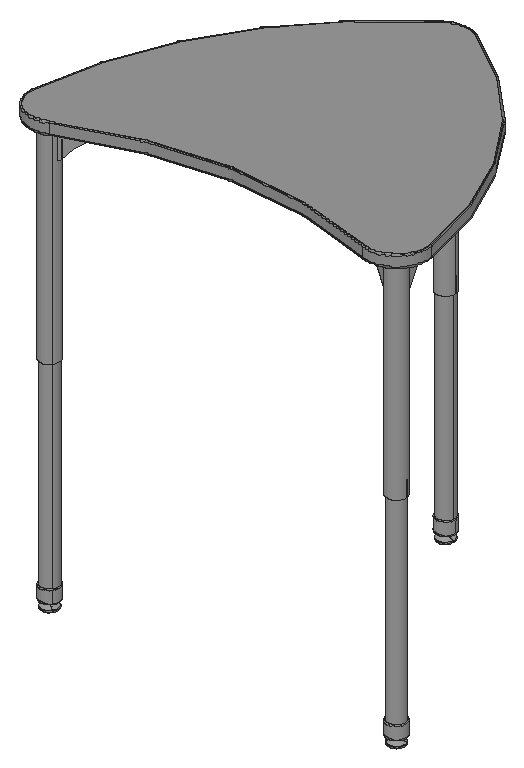
Revit family "Hierarchy Chevron Large Table - Standing Height", category Furniture, Revit 2018
Family settings
  Work Plane-Based = No
  Always vertical = Yes
  Cut with Voids When Loaded = No
  Shared = No
  Room Calculation Point = No
Parameters
  Table Height = 3' - 5"
  Surface = Hierarchy Chevron Large Standing Surface
  Leg Finish = Hierarchy Leg Platinum
  Edgeband = Hierarchy Chevron Large Standing Edgeband
  Caster/Glide = Hierarchy Standing Leg - Glide : Hierarchy Standing Leg - Glide
Reference planes (in)
  plane 1 "Center (Front/Back)": y = 0
  plane 2: z = 0
  plane 3 "Center (Left/Right)": x = 0
  plane 4 "Table Height": z = 41
Dimensions and locks (in)
  "Table Height": plane 4 "Table Height" to level
  aligned and locked: plane 2 to level
  aligned and locked: nested 3 to plane 4 "Table Height"
Nested families (in)
  nested 1: "Hierarchy Standing Leg - Glide" at (0, 10.3033, 0), Leg Height <- "Table Height", Leg Finish <- "Leg Finish", type "Hierarchy Standing Leg - Glide"
    with Leg Height 3' - 5", Leg Finish Hierarchy Leg Platinum
  nested 2: "Hierarchy Standing Leg - Glide" at (-16.21822, -15.68676, 0) x (-0.7939, 0.6081, 0) z (0, 0, 1), Leg Height <- "Table Height", type <- "Caster/Glide", Leg Finish <- "Leg Finish", type "Hierarchy Standing Leg - Glide"
  nested 3: "Chevron Large Tabletop" at (0, 0.03125, 12.5), type "Chevron Large Tabletop"
  nested 4: "Hierarchy Standing Leg - Glide" at (16.17876, -15.68676, 0) x (0.7939, 0.6081, 0) z (0, 0, 1), Leg Height <- "Table Height", type <- "Caster/Glide", Leg Finish <- "Leg Finish", type "Hierarchy Standing Leg - Glide"
Definition of nested family "Hierarchy Standing Leg - Glide"
  Parameters (values of type "Hierarchy Standing Leg - Glide")
    Leg Finish [instance] = none
    Leg Height [instance] = 3' - 5"
  Reference planes (in)
    plane 1 "Center (Front/Back)": y = 0
    plane 2: z = 0
    plane 3 "Center (Left/Right)": x = 0
  Forms (in)
    Extrusion 1, solid
      sketch origin (-0.01562, 0, 0) x (1, 0, 0) y (0, 1, 0)
        loop
          circle (0.01563, 0) r 0.79147
      from 2 to 23.175
    Revolve 2, solid
      sketch origin (0, 0, 0) x (1, 0, 0) y (0, 0, 1)
        loop
          line (0, 2) -> (0, 0.74937) -> (0.84838, 0.74937)
          arc (0.84838, 0.74937) -> (0.89342, 0.76803) -> (0.91207, 0.81306) r 0.06369
          line (0.91207, 0.81306) -> (0.91207, 1.93631)
          arc (0.91207, 1.93631) -> (0.89342, 1.98134) -> (0.84838, 2) r 0.06369
          line (0.84838, 2) -> (0, 2)
        axis (0, 2) -> (0, 0.74937)
      angle from 0 to 360
    Revolve 3, solid
      sketch origin (0, 0, 0) x (1, 0, 0) y (0, 0, 1)
        loop
          line (0, 0.75) -> (0, 0) -> (0.74583, 0) -> (0.79147, 0.09013) -> (0.79147, 0.16241) -> (0.12474, 0.5) -> (0.12474, 0.75) -> (0, 0.75)
        axis (0, 0.75) -> (0, 0)
      angle from 0 to 360
  Dimensions and locks (in)
    "Leg Height": nested 1 to level
    aligned and locked: plane 2 to level
  Automatic sketch dimensions
    plane 1 "Center (Front/Back)" to Extrusion 1 sketch curve = 0' - 0"
    Extrusion 1 sketch curve to plane 3 "Center (Left/Right)" = 0' - 0"
    Revolve 2 sketch curve to plane 3 "Center (Left/Right)" = 0' - 0"  (x2)
    plane 3 "Center (Left/Right)" to Revolve 2 sketch curve = 0' - 0.84838"
    Revolve 2 sketch curve to Revolve 2 sketch curve = 0' - 0.84838"
    Revolve 2 sketch curve to Revolve 2 sketch curve = 0' - 0.06369"
    level to Revolve 2 sketch curve = 0' - 0.74937"
    Revolve 2 sketch curve to Revolve 2 sketch curve = 0' - 1.12324"
    Revolve 2 sketch curve to Revolve 2 sketch curve = 0' - 0.13731"
    Revolve 2 sketch curve to Revolve 2 sketch curve = 0' - 0 3/4"
    Revolve 3 sketch curve to plane 3 "Center (Left/Right)" = 0' - 0"  (x2)
    Revolve 3 sketch curve to level = 0' - 0"
    plane 3 "Center (Left/Right)" to Revolve 3 sketch curve = 0' - 0.12474"
    plane 3 "Center (Left/Right)" to Revolve 3 sketch curve = 0' - 0.74583"
    Revolve 3 sketch curve to Revolve 3 sketch curve = 0' - 0.04564"
    level to Revolve 3 sketch curve = 0' - 0.09013"
    Revolve 3 sketch curve to Revolve 3 sketch curve = 0' - 0.07228"
    level to Revolve 3 sketch curve = 0' - 0 1/2"
    Revolve 3 sketch curve to Revolve 3 sketch curve = 0' - 0 1/4"
    Revolve 3 sketch curve to level = 0' - 0 1/8"
    Revolve 3 sketch curve to Revolve 3 sketch curve = 0' - 0 1/8"
    radius of Extrusion 1 sketch curve = 0' - 0.79147"
  Nested families (in)
    nested 1: "Hierarchy Standing Upper Leg 2023" at (0, 0, 0.19983), Leg Finish <- "Leg Finish", type "Hierarchy Standing Upper Leg 2023"
      with Leg Finish none
  Definition of nested family "Hierarchy Standing Upper Leg 2023"
    Parameters (values of type "Hierarchy Standing Upper Leg 2023")
      Leg Finish [instance] = none
    Reference planes (in)
      plane 1 "Center (Front/Back)": y = 0
      plane 2: z = 0
      plane 3 "Center (Left/Right)": x = 0
    Forms (in)
      Extrusion 1, solid, material <- "Leg Finish"
        sketch origin (0, 0, 0) x (1, 0, 0) y (0, 1, 0)
          loop
            circle (0, 0) r 0.9129
        from 20.67418 to 40.67418
      Extrusion 2, solid, material <- "Leg Finish"
        sketch origin (0, 0, 12.998) x (1, 0, 0) y (0, 1, 0)
          loop
            line (-1.70174, 0.19183) -> (-3.96611, -4.49738)
            arc (-3.96611, -4.49738) -> (-3.91977, -5.33444) -> (-3.18615, -5.74016) r 0.86614
            line (-3.18615, -5.74016) -> (3.18615, -5.74016)
            arc (3.18615, -5.74016) -> (3.91977, -5.33444) -> (3.96611, -4.49738) r 0.86614
            line (3.96611, -4.49738) -> (1.70174, 0.19183)
            arc (1.70174, 0.19183) -> (0, 1.25984) -> (-1.70174, 0.19183) r 1.88976
        from 27.67618 to 27.80217
      Extrusion 3, solid, material <- "Leg Finish"
        sketch origin (12.41967, 1.58692, 0) x (0.434844, 0.900506, 0) y (0, 0, 1)
          loop
            arc (-12.68776, 40.67418) -> (-12.80559, 40.56418) -> (-12.70394, 40.43908) r 0.11811
            arc (-12.70394, 40.43908) -> (-9.98192, 39.53509) -> (-7.76426, 37.71614) r 7.87402
            arc (-7.76426, 37.71614) -> (-7.63344, 37.68136) -> (-7.55587, 37.79229) r 0.11811
            line (-7.55587, 37.79229) -> (-7.55587, 40.67418) -> (-12.68776, 40.67418)
        from -11.10976 to -10.98378
      Extrusion 4, solid, material <- "Leg Finish"
        sketch origin (-12.41967, 1.58692, 0) x (-0.434844, 0.900506, 0) y (0, 0, -1)
          loop
            line (-12.68776, -40.67418) -> (-7.55587, -40.67418) -> (-7.55587, -37.79229)
            arc (-7.55587, -37.79229) -> (-7.63344, -37.68136) -> (-7.76426, -37.71614) r 0.11811
            arc (-7.76426, -37.71614) -> (-9.98192, -39.53509) -> (-12.70394, -40.43908) r 7.87402
            arc (-12.70394, -40.43908) -> (-12.80559, -40.56418) -> (-12.68776, -40.67418) r 0.11811
        from -11.10976 to -10.98378
    Dimensions and locks (in)
      aligned and locked: plane 2 to level
Definition of nested family "Chevron Large Tabletop"
  Parameters (values of type "Chevron Large Tabletop")
    Surface = none
    Edgeband = none
  Reference planes (in)
    plane 1 "Center (Front/Back)": y = 0
    plane 2: z = 0
    plane 3 "Center (Left/Right)": x = 0
  Forms (in)
    Extrusion 1, solid, material <- "Surface"
      sketch origin (0, 0, 0) x (1, 0, 0) y (0, 1, 0)
        loop
          arc (-1.47575, 11.83196) -> (-12.96428, 0.45381) -> (-18.53858, -14.72433) r 37.19148
          arc (-18.53858, -14.72433) -> (-17.451, -17.34819) -> (-14.63329, -17.70598) r 2.82966
          arc (-14.63329, -17.70598) -> (0.00027, -14.74362) -> (14.63382, -17.70598) r 37.62483
          arc (14.63382, -17.70598) -> (17.45153, -17.34819) -> (18.53911, -14.72433) r 2.82966
          arc (18.53911, -14.72433) -> (12.97595, 0.43646) -> (1.51118, 11.80998) r 37.19148
          arc (1.51118, 11.80998) -> (0.02085, 12.24654) -> (-1.47575, 11.83196) r 2.83339
      from 28.5 to 29.625
    Sweep 2, solid, material <- "Edgeband"
      path in 3D
        loop
          arc (-1.47575, 11.83196, 29.625) -> (0.02085, 12.24654, 29.625) -> (1.51118, 11.80998, 29.625) r 2.83339
          arc (1.51118, 11.80998, 29.625) -> (12.97595, 0.43646, 29.625) -> (18.53911, -14.72433, 29.625) r 37.19148
          arc (18.53911, -14.72433, 29.625) -> (17.45153, -17.34819, 29.625) -> (14.63382, -17.70598, 29.625) r 2.82966
          arc (14.63382, -17.70598, 29.625) -> (0.00027, -14.74362, 29.625) -> (-14.63329, -17.70598, 29.625) r 37.62483
          arc (-14.63329, -17.70598, 29.625) -> (-17.451, -17.34819, 29.625) -> (-18.53858, -14.72433, 29.625) r 2.82966
          arc (-18.53858, -14.72433, 29.625) -> (-12.96428, 0.45381, 29.625) -> (-1.47575, 11.83196, 29.625) r 37.19148
      profile origin (-12.96428, 0.45381, 29.625) x (-0.841309, 0.540554, 0) y (0, 0, 1)
        loop
          line (0.10581, -1.01919) -> (0.10581, -0.10581)
          arc (0.10581, -0.10581) -> (0.07482, -0.03099) -> (0, 0) r 0.10581
          line (0, 0) -> (0, -1.125)
          arc (0, -1.125) -> (0.07482, -1.09401) -> (0.10581, -1.01919) r 0.10581
  Lines and regions (in)
    sketch lines
      curve 1: arc (-18.53858, -14.72433, 29.625) -> (-12.96428, 0.45381, 29.625) -> (-1.47575, 11.83196, 29.625) r 37.19148
      curve 2: arc (-1.47575, 11.83196, 29.625) -> (0.02085, 12.24654, 29.625) -> (1.51118, 11.80998, 29.625) r 2.83339
      curve 3: arc (1.51118, 11.80998, 29.625) -> (12.97595, 0.43646, 29.625) -> (18.53911, -14.72433, 29.625) r 37.19148
      curve 4: arc (18.53911, -14.72433, 29.625) -> (17.45153, -17.34819, 29.625) -> (14.63382, -17.70598, 29.625) r 2.82966
      curve 5: arc (14.63382, -17.70598, 29.625) -> (0.00027, -14.74362, 29.625) -> (-14.63329, -17.70598, 29.625) r 37.62483
      curve 6: arc (-14.63329, -17.70598, 29.625) -> (-17.451, -17.34819, 29.625) -> (-18.53858, -14.72433, 29.625) r 2.82966
  Dimensions and locks (in)
    aligned and locked: plane 2 to level
